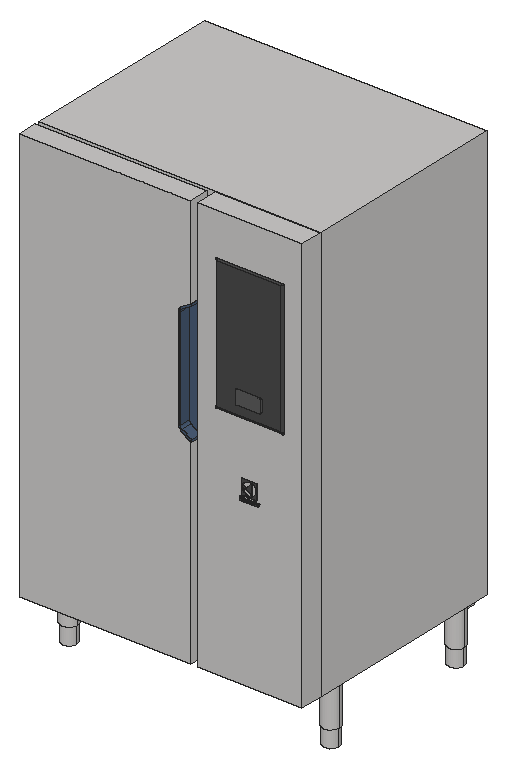
Revit family "QF_ELECTROLUXPROFESSIONAL_727822_EBCA21RE", category Specialty Equipment, Revit 2023
Family settings
  Round Connector Dimension = Use Diameter
  Part Type = Normal
  Work Plane-Based = No
  Enable Cutting in Views = No
  Always vertical = Yes
  Cut with Voids When Loaded = No
  Maintain Annotation Orientation = No
  Shared = No
  Room Calculation Point = No
Parameters
  Weight = 0.00 kg
  Watts = 0 W
  Volts = 380 V
  URL Manufacturer = "http://professional.electrolux.com"
  URL = "http://professional.electrolux.com"
  Steam Supply Size = 0 mm
  Steam Supply Minimum Pressure = 0.0 Pa
  Steam Supply Maximum Pressure = 0.0 Pa
  Steam Pounds per Hour = 0
  Show Logo [instance] = yes
  Show Clearance [instance] = yes
  Refrigeration Suction Line Size = 0 mm
  Refrigeration Liquid Line Size = 0 mm
  Refrigerant Compressor Remote = yes
  Manufacturer = "Electrolux"
  Phase = 3
  Model = "EBCA21RE"
  Length Actual = 1040 mm  # constant formula
  Item Number = "727822"
  Hot Water Size = 0 mm
  Height Actual = 1741 mm  # constant formula
  HP = "4 HP"
  Gas Size = 0 mm
  Gas KW = 0
  Gas Input Pressure = 0 W
  Direct Waste Size = 12.7 mm
  Description = "SKYLINE CHILLS BLAST CHILLER 100KG 20 GN 1/1 - REMOTE REFRIGERATING UNIT"
  Depth Actual = 850 mm  # constant formula
  Default Elevation = 0 mm
  Cycle = 60 Hz
  Condensate Return Size = 0 mm
  Compressed Air Volume = 0.0 L/s
  Compressed Air Size = 0 mm
  Compressed Air Pressure = 0.0 Pa
  Cold Water Size = 0 mm
  Accessory = yes
Reference planes
  plane 1 "Center X": y = 129.851
  plane 2: z = 0
  plane 3 "Center Y": x = -384
  plane 4 "LEFT": x = -904
  plane 5 "BACK": y = 554.851
  plane 6 "RIGHT": x = 136
  plane 7 "FRONT": y = -295.149
  plane 8 "TOP": z = 1741
  plane 9: x = -866.5
  plane 10: y = 478.851
  plane 11: x = 98.5
  plane 12: y = -115.149
  plane 13: y = 616.851
  plane 14: y = -880.149
  plane 15: z = 210
  plane 16: x = -852
  plane 17: x = 84
  plane 18: z = 1174
Forms (mm)
  Extrusion 1, solid, material "QF_Finishes_Stainless Steel"
    sketch origin (0, 0, 1741) x (-1, 0, 0) y (0, -1, 0)
      loop
        line (904, -554.851) -> (904, 210.149) -> (-136, 210.149) -> (-136, -554.851) -> (904, -554.851)
    from 0 to -1531
  Extrusion 2, solid, material "QF_Finishes_Stainless Steel"
    sketch origin (-904, -0.954, 258.709) x (0, 1, 0) y (0, 0, 1)
      loop
        line (617.805, -10.759) -> (555.805, -10.759) -> (555.805, -142.72) -> (617.805, -142.72) -> (617.805, -10.759)
    from 572 to 941.96
  Extrusion 3, solid, material "QF_Finishes_Stainless Steel"
    sketch origin (-199.727, 554.851, 2076) x (1, 0, 0) y (0, 0, -1)
      loop
        circle (230.727, 1616) r 10.5
      loop
        circle (230.727, 1686) r 8
      loop
        circle (230.727, 1701) r 4.75
    from 0 to 90
  Extrusion 4, solid, material "QF_Finishes_Stainless Steel"
    sketch origin (0, 0, 210) x (0, -1, 0) y (-1, 0, 0)
      loop
        circle (-176.851, 270.5) r 9.5
    from 0 to 31.68
  Extrusion 5, solid, material "QF_Finishes_Stainless Steel"
    sketch origin (-642.679, -295.149, 0) x (1, 0, 0) y (0, 0, -1)
      loop
        line (369.7, -1741) -> (369.7, -1401.365) -> (333.447, -1377.283)
        arc (333.447, -1377.283) -> (327.216, -1370.436) -> (324.96, -1361.456) r 19
        line (324.96, -1361.456) -> (324.96, -986.544)
        arc (324.96, -986.544) -> (327.339, -977.083) -> (333.91, -969.873) r 20
        line (333.91, -969.873) -> (369.7, -946.15) -> (369.7, -210) -> (-261.321, -210) -> (-261.321, -1741) -> (369.7, -1741)
    from 0 to 70
  Extrusion 6, solid, material "QF_Finishes_Stainless Steel"
    sketch origin (-623, 0, 1060.038) x (1, 0, 0) y (0, 1, 0)
      loop
        line (759, -295.149) -> (759, -211.149) -> (372.993, -211.149) -> (372.993, -295.149) -> (759, -295.149)
    from 680.962 to -850.038
  Extrusion 7, solid, material "QF_Door-Drawer Clearances", visible <- "Show Clearance", detail levels coarse
    sketch origin (-623, 0, 1060.038) x (1, 0, 0) y (0, 1, 0)
      loop
        line (-246, -295.149) -> (-246, -877.649)
        arc (-246, -877.649) -> (165.972, -703.005) -> (350.021, -295.149) r 614
        line (350.021, -295.149) -> (-246, -295.149)
    from -850.038 to 680.962
  Extrusion 8, solid, material "QF_Finishes_Stainless Steel"
    sketch origin (-651.679, -235.149, 422.467) x (1, 0, 0) y (0, 0, -1)
      loop
        line (333.96, -564.076) -> (333.96, -938.989)
        arc (333.96, -938.989) -> (336.216, -947.969) -> (342.447, -954.816) r 19
        line (342.447, -954.816) -> (378.7, -978.898) -> (378.7, -523.683) -> (342.91, -547.406)
        arc (342.91, -547.406) -> (336.339, -554.616) -> (333.96, -564.076) r 20
    from -21 to 10
  Extrusion 9, solid, material "QF_Finishes_Electrolux_Blue"
    sketch origin (-651.679, -295.149, 422.467) x (-1, 0, 0) y (0, 0, -1)
      loop
        line (-378.7, -978.898) -> (-342.447, -954.816)
        arc (-342.447, -954.816) -> (-336.216, -947.969) -> (-333.96, -938.989) r 19
        line (-333.96, -938.989) -> (-333.96, -564.076)
        arc (-333.96, -564.076) -> (-336.339, -554.616) -> (-342.91, -547.406) r 20
        line (-342.91, -547.406) -> (-378.7, -523.683) -> (-381.2, -523.683) -> (-381.2, -529.824) -> (-346.501, -552.824)
        arc (-346.501, -552.824) -> (-342.066, -557.691) -> (-340.46, -564.076) r 13.5
        line (-340.46, -564.076) -> (-340.46, -938.989)
        arc (-340.46, -938.989) -> (-341.944, -944.897) -> (-346.043, -949.401) r 12.5
        line (-346.043, -949.401) -> (-381.2, -972.755) -> (-381.2, -978.898) -> (-378.7, -978.898)
    from -39 to 1
  Extrusion 10, void
    sketch origin (-904, -210.149, 1741) x (-1, 0, 0) y (0, 0, 1)
      loop
        line (-600.7, -65.802) -> (-600.7, -1517.802) -> (-46.5, -1517.802) -> (-46.5, -65.802) -> (-600.7, -65.802)
    from 0 to 704
  Extrusion 11, solid, material "QF_Door-Drawer Clearances", visible <- "Show Clearance", detail levels coarse
    sketch origin (-939, -461.949, 0) x (0, -1, 0) y (0, 0, -1)
      loop
        line (415.7, -1741) -> (415.7, -1401.365) -> (379.447, -1377.283)
        arc (379.447, -1377.283) -> (373.216, -1370.436) -> (370.96, -1361.456) r 19
        line (370.96, -1361.456) -> (370.96, -986.544)
        arc (370.96, -986.544) -> (373.339, -977.083) -> (379.91, -969.873) r 20
        line (379.91, -969.873) -> (415.7, -946.15) -> (415.7, -210) -> (-166.8, -210) -> (-166.8, -1741) -> (415.7, -1741)
    from 0 to 70
  Extrusion 12, solid, material "QF_Door-Drawer Clearances", visible <- "Show Clearance", detail levels coarse
    sketch origin (-879, -452.949, 422.467) x (0, -1, 0) y (0, 0, -1)
      loop
        line (379.96, -564.076) -> (379.96, -938.989)
        arc (379.96, -938.989) -> (382.216, -947.969) -> (388.447, -954.816) r 19
        line (388.447, -954.816) -> (424.7, -978.898) -> (424.7, -523.683) -> (388.91, -547.406)
        arc (388.91, -547.406) -> (382.339, -554.616) -> (379.96, -564.076) r 20
    from -21 to 10
  Extrusion 13, solid, material "QF_Door-Drawer Clearances", visible <- "Show Clearance", detail levels coarse
    sketch origin (-939, -452.949, 422.467) x (0, 1, 0) y (0, 0, -1)
      loop
        line (-424.7, -978.898) -> (-388.447, -954.816)
        arc (-388.447, -954.816) -> (-382.216, -947.969) -> (-379.96, -938.989) r 19
        line (-379.96, -938.989) -> (-379.96, -564.076)
        arc (-379.96, -564.076) -> (-382.339, -554.616) -> (-388.91, -547.406) r 20
        line (-388.91, -547.406) -> (-424.7, -523.683) -> (-427.2, -523.683) -> (-427.2, -529.824) -> (-392.501, -552.824)
        arc (-392.501, -552.824) -> (-388.066, -557.691) -> (-386.46, -564.076) r 13.5
        line (-386.46, -564.076) -> (-386.46, -938.989)
        arc (-386.46, -938.989) -> (-387.944, -944.897) -> (-392.043, -949.401) r 12.5
        line (-392.043, -949.401) -> (-427.2, -972.755) -> (-427.2, -978.898) -> (-424.7, -978.898)
    from -39 to 1
  Extrusion 14, solid, material "QF_Clearance", visible <- "Show Clearance", detail levels coarse
    sketch origin (-904, 909.851, 0) x (1, 0, 0) y (0, 1, 0)
      loop
        line (0, -1205) -> (0, -355) -> (1040, -355) -> (1040, -1205) -> (1140, -1205) -> (1140, -255) -> (-100, -255) -> (-100, -1205) -> (0, -1205)
    from 0 to 1841
  Extrusion 15, solid, material "QF_Clearance", visible <- "Show Clearance", detail levels coarse
    sketch origin (-1150.39, -1542.9, 1741) x (-1, 0, 0) y (0, -1, 0)
      loop
        line (-246.39, -1247.751) -> (-1286.39, -1247.751) -> (-1286.39, -2097.751) -> (-246.39, -2097.751) -> (-246.39, -1247.751)
    from 0 to 100
Cuts and joins
  Extrusion 10 cuts Extrusion 1
  Extrusion 10 cuts Extrusion 2
  Extrusion 10 cuts Extrusion 3
  Extrusion 10 cuts Extrusion 4
  joined: Extrusion 1, Extrusion 2, Extrusion 3, Extrusion 4
  joined: Extrusion 5, Extrusion 8
  joined: Extrusion 7, Extrusion 11, Extrusion 12, Extrusion 13
  joined: Extrusion 14, Extrusion 15
Lines and regions (mm)
  symbolic lines
    curve 1: line (-904, 554.851, 1741) -> (136, 554.851, 1741)
    curve 2: line (-904, -210.149, 1741) -> (-904, 554.851, 1741)
    curve 3: line (136, -295.149, 1741) -> (-250.007, -295.149, 1741)
    curve 4: line (136, 554.851, 1741) -> (136, -295.149, 1741)
    curve 5: line (61.997, -300.149, 1741) -> (-176.003, -300.149, 1741)
    curve 6: line (-176.003, -300.149, 1741) -> (-184.003, -295.149, 1741)
    curve 7: line (61.997, -300.149, 1741) -> (69.997, -295.149, 1741)
    curve 12: line (-250.007, -295.149, 0) -> (-250.007, -210.149, 0)
    curve 13: line (-250.007, -210.149, 0) -> (-904, -210.149, 0)
    curve 14: line (-904, -225.149, 0) -> (-272.979, -225.149, 0)
    curve 15: line (-904, -295.149, 0) -> (-904, -225.149, 0)
    curve 16: line (-272.979, -295.149, 0) -> (-904, -295.149, 0)
    curve 17: line (-272.979, -225.149, 0) -> (-272.979, -295.149, 0)
    curve 18: line (-317.719, -296.149, 0) -> (-270.479, -296.149, 0)
    curve 19: line (-270.479, -296.149, 0) -> (-270.479, -256.149, 0)
    curve 20: line (-270.479, -256.149, 0) -> (-272.979, -256.149, 0)
    curve 21: line (-317.719, -296.149, 0) -> (-317.719, -295.149, 0)
    curve 26: line (20.5, 644.851, 0) -> (41.5, 644.851, 0)
    curve 27: line (41.5, 644.851, 0) -> (41.5, 554.851, 0)
    curve 28: line (20.5, 644.851, 0) -> (20.5, 554.851, 0)
    curve 29: line (20.5, 616.851, 0) -> (-332, 616.851, 0)
    curve 30: line (-332, 616.851, 0) -> (-332, 554.851, 0)
  symbolic lines, style "QF_Door-Drawer Clearances", visible <- "Show Clearance"
    curve 8: arc (-272.979, -295.149, 1741) -> (-457.028, -703.005, 1741) -> (-869, -877.649, 1741) r 614
    curve 9: line (-939, -877.649, 1741) -> (-939, -295.149, 1741)
    curve 10: line (-869, -877.649, 1741) -> (-939, -877.649, 1741)
    curve 11: line (-869, -877.649, 1741) -> (-869, -295.149, 1741)
  symbolic lines, style "QF_Door-Drawer Clearances"
    curve 22: line (-869, -877.649, 0) -> (-939, -877.649, 0)
  symbolic lines, style "QF_Clearances", visible <- "Show Clearance", detail levels coarse
    curve 23: line (-1004, 654.851, 0) -> (-1004, -295.149, 0)
    curve 24: line (236, 654.851, 0) -> (-1004, 654.851, 0)
    curve 25: line (236, -295.149, 0) -> (236, 654.851, 0)
Dimensions and locks
  equal spacing: plane 4 "LEFT", plane 3 "Center Y", plane 6 "RIGHT"
  plane 4 "LEFT" to plane 6 "RIGHT" = 1040 mm
  plane 5 "BACK" to plane 7 "FRONT" = 850 mm
  equal spacing: plane 5 "BACK", plane 1 "Center X", plane 7 "FRONT"
  plane 15 to Extrusion 3 sketch curve = 250 mm
  plane 5 "BACK" to Extrusion 4 sketch curve = 378 mm
  plane 4 "LEFT" to Extrusion 4 sketch curve = 633.5 mm
  plane 6 "RIGHT" to Extrusion 3 sketch curve = 105 mm
  plane 8 "TOP" to level = 1741 mm
  Extrusion 3 sketch curve to Extrusion 6 = 165 mm
  Extrusion 3 sketch curve to Extrusion 6 = 180 mm
  aligned and locked: level to plane 2
  aligned and locked: plane 11 to nested 2
  aligned and locked: plane 9 to nested 1
  aligned and locked: nested 1 to plane 12
  aligned and locked: nested 2 to plane 12
  aligned and locked: Extrusion 9 to Extrusion 8
  aligned and locked: nested 4 to plane 10
  aligned and locked: nested 3 to plane 10
  aligned and locked: Extrusion 13 to Extrusion 12
Automatic sketch dimensions
  Extrusion 5 sketch curve to plane 4 "LEFT" = 0 mm
  Extrusion 5 sketch curve to plane 15 = 0 mm
  Extrusion 5 sketch curve to plane 8 "TOP" = 0 mm
  plane 3 "Center Y" to Extrusion 5 sketch curve = 66.281 mm
  Extrusion 5 sketch curve to Extrusion 5 sketch curve = 8.487 mm
  Extrusion 5 sketch curve to Extrusion 5 sketch curve = 8.95 mm
  Extrusion 5 sketch curve to Extrusion 5 sketch curve = 19 mm
  Extrusion 5 sketch curve to Extrusion 5 sketch curve = 11.05 mm
  Extrusion 5 sketch curve to Extrusion 5 sketch curve = 35.79 mm
  Extrusion 5 sketch curve to Extrusion 5 sketch curve = 36.253 mm
  plane 18 to Extrusion 5 sketch curve = 227.365 mm
  Extrusion 5 sketch curve to Extrusion 5 sketch curve = 24.082 mm
  Extrusion 5 sketch curve to plane 18 = 187.456 mm
  Extrusion 5 sketch curve to Extrusion 5 sketch curve = 23.723 mm
  plane 3 "Center Y" to Extrusion 8 sketch curve = 66.281 mm
  Extrusion 8 sketch curve to Extrusion 8 sketch curve = 8.487 mm
  Extrusion 8 sketch curve to Extrusion 8 sketch curve = 8.95 mm
  Extrusion 8 sketch curve to Extrusion 8 sketch curve = 10.513 mm
  Extrusion 8 sketch curve to Extrusion 8 sketch curve = 11.05 mm
  plane 18 to Extrusion 8 sketch curve = 203.283 mm
  Extrusion 8 sketch curve to plane 18 = 187.456 mm
  Extrusion 8 sketch curve to Extrusion 8 sketch curve = 36.253 mm
  Extrusion 8 sketch curve to Extrusion 8 sketch curve = 35.79 mm
  Extrusion 8 sketch curve to Extrusion 8 sketch curve = 0 mm  (x3)
  Extrusion 8 sketch curve to Extrusion 8 sketch curve = 24.082 mm
  Extrusion 8 sketch curve to Extrusion 8 sketch curve = 23.723 mm
  Extrusion 9 sketch curve to Extrusion 9 sketch curve = 0 mm  (x4)
  plane 3 "Center Y" to Extrusion 9 sketch curve = 113.521 mm  (x2)
  Extrusion 9 sketch curve to Extrusion 9 sketch curve = 2.5 mm  (x2)
  Extrusion 9 sketch curve to Extrusion 9 sketch curve = 27.24 mm
  Extrusion 9 sketch curve to Extrusion 9 sketch curve = 28.24 mm
  Extrusion 9 sketch curve to Extrusion 9 sketch curve = 7.459 mm
  Extrusion 9 sketch curve to Extrusion 9 sketch curve = 6.917 mm
  Extrusion 9 sketch curve to Extrusion 9 sketch curve = 3.591 mm
  Extrusion 9 sketch curve to Extrusion 9 sketch curve = 3.597 mm
  Extrusion 9 sketch curve to Extrusion 9 sketch curve = 5.583 mm
  Extrusion 9 sketch curve to Extrusion 9 sketch curve = 6.5 mm
  plane 18 to Extrusion 9 sketch curve = 227.365 mm
  Extrusion 9 sketch curve to Extrusion 9 sketch curve = 6.143 mm
  Extrusion 9 sketch curve to Extrusion 9 sketch curve = 17.939 mm
  Extrusion 9 sketch curve to plane 18 = 187.456 mm
  Extrusion 9 sketch curve to Extrusion 9 sketch curve = 23 mm
  Extrusion 9 sketch curve to Extrusion 9 sketch curve = 6.141 mm
  Extrusion 10 sketch curve to Extrusion 1 = 13.198 mm
  Extrusion 1 to Extrusion 10 sketch curve = 439.3 mm
  Extrusion 10 sketch curve to Extrusion 1 = 46.5 mm
  Extrusion 10 sketch curve to Extrusion 1 = 65.802 mm
  Extrusion 11 sketch curve to plane 8 "TOP" = 0 mm
  Extrusion 11 sketch curve to plane 15 = 0 mm
  plane 7 "FRONT" to Extrusion 11 sketch curve = 0 mm
  plane 14 to Extrusion 11 sketch curve = 47.24 mm
  plane 18 to Extrusion 11 sketch curve = 203.283 mm
  Extrusion 11 sketch curve to Extrusion 11 sketch curve = 8.487 mm
  Extrusion 11 sketch curve to plane 18 = 204.127 mm
  Extrusion 11 sketch curve to Extrusion 11 sketch curve = 8.95 mm
  Extrusion 11 sketch curve to Extrusion 11 sketch curve = 19 mm
  Extrusion 11 sketch curve to Extrusion 11 sketch curve = 11.05 mm
  Extrusion 11 sketch curve to Extrusion 11 sketch curve = 35.79 mm
  Extrusion 11 sketch curve to Extrusion 11 sketch curve = 36.253 mm
  Extrusion 11 sketch curve to Extrusion 11 sketch curve = 24.082 mm
  Extrusion 11 sketch curve to Extrusion 11 sketch curve = 23.723 mm
  plane 14 to Extrusion 12 sketch curve = 47.24 mm
  Extrusion 12 sketch curve to Extrusion 12 sketch curve = 8.487 mm
  Extrusion 12 sketch curve to Extrusion 12 sketch curve = 8.95 mm
  Extrusion 12 sketch curve to Extrusion 12 sketch curve = 19 mm
  Extrusion 12 sketch curve to Extrusion 12 sketch curve = 11.05 mm
  plane 18 to Extrusion 12 sketch curve = 203.283 mm
  Extrusion 12 sketch curve to plane 18 = 187.456 mm
  Extrusion 12 sketch curve to Extrusion 12 sketch curve = 36.253 mm
  Extrusion 12 sketch curve to Extrusion 12 sketch curve = 35.79 mm
  Extrusion 12 sketch curve to Extrusion 12 sketch curve = 0 mm  (x3)
  Extrusion 12 sketch curve to Extrusion 12 sketch curve = 24.082 mm
  Extrusion 12 sketch curve to Extrusion 12 sketch curve = 23.723 mm
  Extrusion 13 sketch curve to Extrusion 13 sketch curve = 0 mm  (x4)
  Extrusion 13 sketch curve to plane 14 = 0 mm  (x2)
  Extrusion 13 sketch curve to Extrusion 13 sketch curve = 2.5 mm  (x2)
  Extrusion 13 sketch curve to Extrusion 13 sketch curve = 27.24 mm
  Extrusion 13 sketch curve to Extrusion 13 sketch curve = 28.24 mm
  Extrusion 13 sketch curve to Extrusion 13 sketch curve = 7.459 mm
  Extrusion 13 sketch curve to Extrusion 13 sketch curve = 6.917 mm
  Extrusion 13 sketch curve to Extrusion 13 sketch curve = 3.591 mm
  Extrusion 13 sketch curve to Extrusion 13 sketch curve = 3.597 mm
  Extrusion 13 sketch curve to Extrusion 13 sketch curve = 5.583 mm
  Extrusion 13 sketch curve to Extrusion 13 sketch curve = 6.5 mm
  plane 18 to Extrusion 13 sketch curve = 227.365 mm
  Extrusion 13 sketch curve to Extrusion 13 sketch curve = 6.143 mm
  Extrusion 13 sketch curve to Extrusion 13 sketch curve = 17.939 mm
  Extrusion 13 sketch curve to plane 18 = 187.456 mm
  Extrusion 13 sketch curve to Extrusion 13 sketch curve = 23 mm
  Extrusion 13 sketch curve to Extrusion 13 sketch curve = 6.141 mm
  Extrusion 7 sketch curve to plane 7 "FRONT" = 0 mm
  plane 4 "LEFT" to Extrusion 7 sketch curve = 17.818 mm
  Extrusion 7 sketch curve to plane 9 = 2.5 mm
  plane 3 "Center Y" to Extrusion 7 sketch curve = 111.021 mm
  plane 14 to Extrusion 7 sketch curve = 2.5 mm
  Extrusion 1 sketch curve to plane 5 "BACK" = 0 mm
  Extrusion 1 sketch curve to plane 6 "RIGHT" = 0 mm
  Extrusion 1 sketch curve to plane 4 "LEFT" = 0 mm
  plane 7 "FRONT" to Extrusion 1 sketch curve = 85 mm
  Extrusion 6 sketch curve to plane 7 "FRONT" = 0 mm
  Extrusion 6 sketch curve to plane 6 "RIGHT" = 0 mm
  plane 3 "Center Y" to Extrusion 6 sketch curve = 133.993 mm
  Extrusion 6 sketch curve to Extrusion 6 sketch curve = 84 mm
  Extrusion 2 sketch curve to plane 5 "BACK" = 0 mm
  Extrusion 2 sketch curve to plane 13 = 0 mm
  Extrusion 2 sketch curve to plane 15 = 94.012 mm
  plane 15 to Extrusion 2 sketch curve = 37.95 mm
  Extrusion 3 sketch curve to Extrusion 3 sketch curve = 0 mm  (x2)
  Extrusion 14 sketch curve to plane 7 "FRONT" = 0 mm  (x2)
  Extrusion 14 sketch curve to plane 6 "RIGHT" = 1140 mm
  Extrusion 14 sketch curve to Extrusion 14 sketch curve = 100 mm  (x3)
  Extrusion 14 sketch curve to plane 13 = 62 mm
  Extrusion 14 sketch curve to Extrusion 14 sketch curve = 1040 mm
  Extrusion 15 sketch curve to plane 6 "RIGHT" = 0 mm
  Extrusion 15 sketch curve to plane 4 "LEFT" = 0 mm
  Extrusion 15 sketch curve to plane 5 "BACK" = 0 mm
  Extrusion 15 sketch curve to plane 7 "FRONT" = 0 mm
  curve 23 to plane 7 "FRONT" = 0 mm
  curve 15 to plane 4 "LEFT" = 0 mm
  curve 13 to plane 4 "LEFT" = 0 mm
  curve 30 to plane 5 "BACK" = 0 mm
  curve 29 to plane 13 = 0 mm
  curve 21 to plane 7 "FRONT" = 0 mm
  curve 12 to plane 7 "FRONT" = 0 mm
  curve 28 to plane 5 "BACK" = 0 mm
  curve 27 to plane 5 "BACK" = 0 mm
  curve 25 to plane 7 "FRONT" = 0 mm
  plane 13 to curve 24 = 38 mm
  curve 24 to plane 4 "LEFT" = 100 mm
  curve 18 to plane 7 "FRONT" = 1 mm
  plane 3 "Center Y" to curve 18 = 66.281 mm
  curve 21 to curve 17 = 44.74 mm
  curve 16 to curve 19 = 2.5 mm
  curve 14 to curve 12 = 22.972 mm
  plane 13 to curve 26 = 28 mm
  curve 26 to plane 17 = 63.5 mm
  curve 26 to curve 27 = 21 mm
  plane 6 "RIGHT" to curve 24 = 100 mm
  plane 7 "FRONT" to curve 19 = 39 mm
  plane 7 "FRONT" to curve 15 = 70 mm
  curve 14 to curve 12 = 15 mm
  plane 14 to curve 22 = 2.5 mm
  curve 22 to plane 4 "LEFT" = 35 mm
  curve 22 to plane 9 = 2.5 mm
  plane 3 "Center Y" to curve 30 = 52 mm
  curve 1 to plane 5 "BACK" = 0 mm
  curve 1 to plane 6 "RIGHT" = 0 mm
  curve 7 to plane 7 "FRONT" = 0 mm
  curve 8 to plane 7 "FRONT" = 0 mm
  curve 11 to plane 7 "FRONT" = 0 mm
  curve 2 to plane 4 "LEFT" = 0 mm
  curve 9 to plane 7 "FRONT" = 0 mm
  curve 7 to plane 7 "FRONT" = 5 mm
  curve 7 to plane 17 = 22.003 mm
  plane 3 "Center Y" to curve 6 = 207.997 mm
  curve 11 to plane 9 = 2.5 mm
  plane 4 "LEFT" to curve 8 = 17.818 mm
  plane 14 to curve 10 = 2.5 mm
  curve 10 to plane 4 "LEFT" = 35 mm
  plane 7 "FRONT" to curve 8 = 31.26 mm
  curve 7 to curve 5 = 8 mm
  curve 5 to curve 6 = 8 mm
  curve 3 to curve 8 = 22.972 mm
  curve 2 to curve 8 = 53.74 mm
  radius of Extrusion 4 sketch curve = 9.5 mm
  radius of Extrusion 3 sketch curve = 10.5 mm
  radius of Extrusion 3 sketch curve = 8 mm
  radius of Extrusion 3 sketch curve = 4.75 mm
Nested families
  nested 1: "Foot_Complete" at (-866.5, -115.149, 0), type "Foot_Complete"
    with H 210 mm
  nested 2: "Foot_Complete" at (98.5, -115.149, 0), type "Foot_Complete"
    with H 210 mm
  nested 3: "Foot_Complete" at (84, 478.851, 0), type "Foot_Complete"
    with H 210 mm
  nested 4: "Foot_Complete" at (-852, 478.851, 0), type "Foot_Complete"
    with H 210 mm
  nested 5: "ELX_Touch" at (-57.003, -295.149, 1337) x (-1, 0, 0) z (0, -1, 0), type "ELX_Touch"
  nested 6: "ELX_Logo_S_New" at (-57.003, -295.149, 824) x (1, 0, 0) z (0, -1, 0), visible <- "Show Logo", type "ELX_Logo_S_New"
    with M QF_Finishes_Black
  nested 7: "ELX_Logo_Symbol" at (-57.003, -295.149, 864) x (-1, 0, 0) z (0, -1, 0), visible <- "Show Logo", type "ELX_Logo_Symbol"
    with M QF_Finishes_Black
Connectors
  electrical at (31, 644.851, 460), driven by "Volts"
    settings: on Extrusion 3, index 5, voltage 380 V, apparent load 0 VA, apparent load phase1 0 VA, apparent load phase2 0 VA, apparent load phase3 0 VA, power factor 1, load classification "Altro", number of poles 1, system type 30, power factor state 1, is connector primary yes, connector utility no, sub classification motor no, connector description "Electrical Connection"
  piping at (-270.5, 176.851, 178.32), diameter 19
    settings: on cut or joined group of Extrusion 1, Extrusion 2, Extrusion 3, Extrusion 4, Extrusion 10, index 6, connector inside diameter 609.6 mm, connector length 0 mm, flow factor 0, pipe flow 0.0 L/s, pressure drop 0.0 Pa, fitting loss kfactor 0, connector angle 0.00°, fixture units 0, engagement length 0 mm, angle of deflection 0.00°, flow configuration 1, flow direction 2, fitting loss method 0, system type 16, joint type 0, gender type 0, connector reference index -1, connector utility 0, adjustable connector no, is connector primary yes, connector description "Drain"
  piping at (31, 644.851, 390), diameter 16
    settings: on cut or joined group of Extrusion 1, Extrusion 2, Extrusion 3, Extrusion 4, Extrusion 10, index 7, connector inside diameter 609.6 mm, connector length 0 mm, flow factor 0, pipe flow 0.0 L/s, pressure drop 0.0 Pa, fitting loss kfactor 0, connector angle 0.00°, fixture units 0, engagement length 0 mm, angle of deflection 0.00°, flow configuration 1, flow direction 1, fitting loss method 0, system type 8, joint type 0, gender type 0, connector reference index -1, connector utility 0, adjustable connector no, is connector primary no, connector description "Refrigerant Outlet"
  piping at (31, 644.851, 375), diameter 9.5
    settings: on cut or joined group of Extrusion 1, Extrusion 2, Extrusion 3, Extrusion 4, Extrusion 10, index 8, connector inside diameter 609.6 mm, connector length 0 mm, flow factor 0, pipe flow 0.0 L/s, pressure drop 0.0 Pa, fitting loss kfactor 0, connector angle 0.00°, fixture units 0, engagement length 0 mm, angle of deflection 0.00°, flow configuration 0, flow direction 0, fitting loss method 0, system type 7, joint type 0, gender type 0, connector reference index -1, connector utility 0, adjustable connector no, is connector primary no, connector description "Refrigerant Inlet"
Definition of nested family "Foot_Complete"
  Parameters
    R = 32 mm
    H = 150 mm
    Default Elevation = 0 mm
  Reference planes
    plane 1 "Centro (Fronte/Retro)": y = 0
    plane 2: z = 0
    plane 3 "Centro (Sinistra/Destra)": x = 0
    plane 4: z = 150
  Forms (mm)
    Revolve 1, solid
      sketch origin (255.05, 0, 608.09) x (0, 0, 1) y (-1, 0, 0)
        loop
          line (-608.09, 255.05) -> (-608.09, 226.55) -> (-544.09, 226.55) -> (-544.09, 223.05) -> (-458.09, 223.05) -> (-458.09, 255.05) -> (-608.09, 255.05)
        axis (-608.09, 255.05) -> (-458.09, 255.05)
      angle from 0 to 360
  Dimensions and locks
    locked: level to Revolve 1 sketch curve at 64
    "R": Revolve 1 sketch curve to plane 3 "Centro (Sinistra/Destra)"
    "H": plane 4 to level
    aligned and locked: level to plane 2
    aligned and locked: plane 4 to Revolve 1 sketch curve
    aligned and locked: Revolve 1 sketch curve to level
    aligned and locked: plane 3 "Centro (Sinistra/Destra)" to Revolve 1 sketch curve
  Automatic sketch dimensions
    Revolve 1 sketch curve to plane 3 "Centro (Sinistra/Destra)" = 0 mm
    plane 3 "Centro (Sinistra/Destra)" to Revolve 1 sketch curve = 28.5 mm
    Revolve 1 sketch curve to Revolve 1 sketch curve = 50 mm
    Revolve 1 sketch curve to Revolve 1 sketch curve = 20 mm
Definition of nested family "ELX_Touch"
  Parameters
    Default Elevation = 1219.2 mm
  Reference planes
    plane 1 "Centro (Fronte/Retro)": y = 0
    plane 2: z = 0
    plane 3 "Centro (Sinistra/Destra)": x = 0
  Forms (mm)
    Extrusion 1, solid
      sketch origin (0, 0, 0) x (1, 0, 0) y (0, 1, 0)
        loop
          line (-1219.2, 1219.2) -> (-1219.2, -1219.2) -> (1219.2, -1219.2) -> (1219.2, 1219.2) -> (-1219.2, 1219.2)
      from 0 to -304.8
    Extrusion 2, solid
      sketch origin (0, 0, 5) x (1, 0, 0) y (0, 1, 0)
        loop
          line (-47, -160) -> (-47, -202)
          arc (-47, -202) -> (-45.536, -205.535) -> (-42, -207) r 5
          line (-42, -207) -> (42, -207)
          arc (42, -207) -> (45.536, -205.535) -> (47, -202) r 5
          line (47, -202) -> (47, -160)
          arc (47, -160) -> (45.536, -156.465) -> (42, -155) r 5
          line (42, -155) -> (-42, -155)
          arc (-42, -155) -> (-45.536, -156.465) -> (-47, -160) r 5
      from 0 to 2
    Blend 3, solid
      base sketch origin (0, 0, 0) x (1, 0, 0) y (0, 1, 0)
        loop
          line (-127, 244) -> (-127, -244)
          arc (-127, -244) -> (-125.536, -247.536) -> (-122, -249) r 5
          line (-122, -249) -> (122, -249)
          arc (122, -249) -> (125.536, -247.536) -> (127, -244) r 5
          line (127, -244) -> (127, 244)
          arc (127, 244) -> (125.536, 247.536) -> (122, 249) r 5
          line (122, 249) -> (-122, 249)
          arc (-122, 249) -> (-125.536, 247.536) -> (-127, 244) r 5
      top sketch origin (0, 0, 0) x (1, 0, 0) y (0, 1, 0)
        loop
          line (-119, -241) -> (119, -241) -> (119, 241) -> (-119, 241) -> (-119, -241)
      from 0 to 5
  Lines and regions (mm)
    Split face 1
      outline origin (0, 0, 5) x (1, 0, 0) y (0, 1, 0)
        loop
          line (-70.506, 46.167) -> (70.506, 46.167) -> (70.506, 214.829) -> (-70.506, 214.829) -> (-70.506, 46.167)
    Split face 2
      outline origin (0, 0, 5) x (1, 0, 0) y (0, 1, 0)
        loop
          line (-47.467, 50.825) -> (47.467, 50.825) -> (47.467, 210.171) -> (-47.467, 210.171) -> (-47.467, 50.825)
    Split face 3
      outline origin (0, 0, 5) x (1, 0, 0) y (0, 1, 0)
        loop
          line (-70.521, -215.33) -> (70.521, -215.33) -> (70.521, -146.67) -> (-70.521, -146.67) -> (-70.521, -215.33)
    Split face 4
      outline origin (0, 0, 5) x (1, 0, 0) y (0, 1, 0)
        loop
          line (-119, 201.163) -> (-70.506, 201.163)
        loop
          line (70.506, 201.163) -> (119, 201.163)
        loop
          line (70.521, -200.849) -> (119, -200.849)
        loop
          line (-119, -200.849) -> (-70.521, -200.849)
  Dimensions and locks
    aligned and locked: plane 2 to Extrusion 1
    aligned and locked: level to Extrusion 1
Definition of nested family "ELX_Logo_S_New"
  Parameters
    Default Elevation = 0 mm
    M [instance] = none
  Reference planes
    plane 1 "Centro (Fronte/Retro)": y = 0
    plane 2: z = 0
    plane 3 "Centro (Sinistra/Destra)": x = 0
  Forms (mm)
    Extrusion 1, solid
      sketch origin (0, 0, 0) x (1, 0, 0) y (0, 1, 0)
        loop
          line (-1219.2, 1219.2) -> (-1219.2, -1219.2) -> (1219.2, -1219.2) -> (1219.2, 1219.2) -> (-1219.2, 1219.2)
      from 0 to -304.8
    Extrusion 2, solid, material <- "M"
      sketch origin (0, 0, 0) x (1, 0, 0) y (0, 1, 0)
        loop
          spline (-32.537, -4.135) -> (-32.702, -4.128) -> (-32.877, -4.105) -> (-33.059, -4.064) -> (-33.242, -4.002) -> (-33.422, -3.916) -> (-33.593, -3.803) -> (-33.751, -3.66) -> (-33.891, -3.486) -> (-34.008, -3.276) -> (-34.098, -3.029) -> (-34.155, -2.741) -> (-34.176, -2.41)
          line (-34.176, -2.41) -> (-34.176, -0.943) -> (-29.331, -0.943) -> (-29.331, 0.928) -> (-34.176, 0.928) -> (-34.176, 3.652) -> (-29.023, 3.652) -> (-29.023, 5.518) -> (-36.159, 5.518) -> (-36.159, -2.326)
          spline (-36.159, -2.326) -> (-36.142, -2.808) -> (-36.088, -3.263) -> (-35.996, -3.688) -> (-35.867, -4.083) -> (-35.698, -4.445) -> (-35.489, -4.773) -> (-35.239, -5.066) -> (-34.946, -5.322) -> (-34.61, -5.539) -> (-34.23, -5.716) -> (-33.804, -5.851) -> (-33.332, -5.943)
          line (-33.332, -5.943) -> (-32.554, -5.999) -> (-28.885, -5.999) -> (-28.885, -4.135) -> (-32.537, -4.135)
        loop
          line (-27.476, 0.076) -> (-27.476, -6.002) -> (-25.492, -6.002) -> (-25.492, 5.521) -> (-27.476, 5.521) -> (-27.476, 0.076)
        loop
          spline (-15.702, -2.321) -> (-15.689, -1.697) -> (-15.749, -1.094) -> (-15.879, -0.516) -> (-16.078, 0.029) -> (-16.341, 0.538) -> (-16.668, 1.004) -> (-17.055, 1.422) -> (-17.5, 1.786) -> (-17.999, 2.091) -> (-18.552, 2.331) -> (-19.154, 2.5) -> (-19.804, 2.594)
          spline (-19.804, 2.594) -> (-20.422, 2.558) -> (-21.009, 2.453) -> (-21.56, 2.28) -> (-22.072, 2.042) -> (-22.54, 1.743) -> (-22.96, 1.385) -> (-23.327, 0.97) -> (-23.638, 0.502) -> (-23.887, -0.018) -> (-24.07, -0.586) -> (-24.183, -1.2) -> (-24.222, -1.857)
          spline (-24.222, -1.857) -> (-24.184, -2.498) -> (-24.074, -3.097) -> (-23.895, -3.652) -> (-23.651, -4.16) -> (-23.344, -4.618) -> (-22.979, -5.023) -> (-22.559, -5.374) -> (-22.087, -5.667) -> (-21.567, -5.899) -> (-21.003, -6.068) -> (-20.397, -6.172) -> (-19.754, -6.207)
          spline (-19.754, -6.207) -> (-19.44, -6.2) -> (-19.13, -6.176) -> (-18.823, -6.135) -> (-18.52, -6.074) -> (-18.221, -5.993) -> (-17.925, -5.89) -> (-17.634, -5.762) -> (-17.346, -5.609) -> (-17.062, -5.43) -> (-16.782, -5.221) -> (-16.506, -4.983) -> (-16.234, -4.713)
          line (-16.234, -4.713) -> (-17.429, -3.55)
          spline (-17.429, -3.55) -> (-17.587, -3.702) -> (-17.745, -3.841) -> (-17.906, -3.967) -> (-18.07, -4.08) -> (-18.239, -4.181) -> (-18.415, -4.268) -> (-18.599, -4.343) -> (-18.792, -4.404) -> (-18.996, -4.452) -> (-19.213, -4.486) -> (-19.443, -4.506) -> (-19.688, -4.513)
          spline (-19.688, -4.513) -> (-20.047, -4.496) -> (-20.383, -4.443) -> (-20.696, -4.358) -> (-20.984, -4.24) -> (-21.246, -4.092) -> (-21.479, -3.915) -> (-21.683, -3.711) -> (-21.856, -3.48) -> (-21.997, -3.224) -> (-22.104, -2.945) -> (-22.176, -2.643) -> (-22.212, -2.321)
          line (-22.212, -2.321) -> (-15.702, -2.321)
        loop
          spline (-17.695, -0.926) -> (-17.714, -0.681) -> (-17.771, -0.445) -> (-17.861, -0.221) -> (-17.984, -0.01) -> (-18.135, 0.184) -> (-18.314, 0.36) -> (-18.516, 0.516) -> (-18.741, 0.648) -> (-18.984, 0.755) -> (-19.244, 0.834) -> (-19.518, 0.883) -> (-19.804, 0.9)
          spline (-19.804, 0.9) -> (-20.11, 0.884) -> (-20.405, 0.835) -> (-20.686, 0.757) -> (-20.95, 0.652) -> (-21.195, 0.521) -> (-21.419, 0.367) -> (-21.618, 0.192) -> (-21.79, -0.003) -> (-21.934, -0.214) -> (-22.045, -0.439) -> (-22.122, -0.678) -> (-22.162, -0.926)
          line (-22.162, -0.926) -> (-17.695, -0.926)
        loop
          spline (-12.669, -1.807) -> (-12.646, -1.438) -> (-12.58, -1.088) -> (-12.472, -0.759) -> (-12.326, -0.455) -> (-12.145, -0.177) -> (-11.93, 0.072) -> (-11.685, 0.289) -> (-11.412, 0.473) -> (-11.114, 0.62) -> (-10.793, 0.728) -> (-10.453, 0.794) -> (-10.095, 0.817)
          spline (-10.095, 0.817) -> (-9.876, 0.81) -> (-9.665, 0.79) -> (-9.464, 0.756) -> (-9.271, 0.709) -> (-9.086, 0.65) -> (-8.908, 0.578) -> (-8.737, 0.495) -> (-8.572, 0.399) -> (-8.414, 0.292) -> (-8.261, 0.173) -> (-8.113, 0.044) -> (-7.969, -0.096)
          line (-7.969, -0.096) -> (-6.741, 1.183)
          spline (-6.741, 1.183) -> (-6.985, 1.427) -> (-7.237, 1.647) -> (-7.496, 1.843) -> (-7.762, 2.015) -> (-8.034, 2.164) -> (-8.312, 2.291) -> (-8.596, 2.397) -> (-8.886, 2.482) -> (-9.181, 2.546) -> (-9.481, 2.592) -> (-9.786, 2.619) -> (-10.095, 2.627)
          spline (-10.095, 2.627) -> (-10.715, 2.589) -> (-11.308, 2.476) -> (-11.871, 2.294) -> (-12.396, 2.046) -> (-12.88, 1.736) -> (-13.316, 1.369) -> (-13.7, 0.949) -> (-14.026, 0.48) -> (-14.289, -0.035) -> (-14.483, -0.59) -> (-14.604, -1.182) -> (-14.645, -1.807)
          spline (-14.645, -1.807) -> (-14.604, -2.431) -> (-14.483, -3.023) -> (-14.289, -3.578) -> (-14.026, -4.093) -> (-13.7, -4.562) -> (-13.316, -4.983) -> (-12.88, -5.35) -> (-12.396, -5.659) -> (-11.871, -5.907) -> (-11.308, -6.09) -> (-10.715, -6.202) -> (-10.095, -6.24)
          spline (-10.095, -6.24) -> (-9.786, -6.232) -> (-9.481, -6.205) -> (-9.181, -6.16) -> (-8.886, -6.095) -> (-8.596, -6.01) -> (-8.312, -5.904) -> (-8.034, -5.777) -> (-7.762, -5.628) -> (-7.496, -5.456) -> (-7.237, -5.26) -> (-6.985, -5.04) -> (-6.741, -4.796)
          line (-6.741, -4.796) -> (-7.969, -3.517)
          spline (-7.969, -3.517) -> (-8.113, -3.657) -> (-8.261, -3.786) -> (-8.414, -3.905) -> (-8.572, -4.012) -> (-8.737, -4.108) -> (-8.908, -4.192) -> (-9.086, -4.263) -> (-9.271, -4.323) -> (-9.464, -4.369) -> (-9.665, -4.403) -> (-9.876, -4.423) -> (-10.095, -4.43)
          spline (-10.095, -4.43) -> (-10.453, -4.408) -> (-10.793, -4.341) -> (-11.114, -4.233) -> (-11.412, -4.086) -> (-11.685, -3.902) -> (-11.93, -3.685) -> (-12.145, -3.436) -> (-12.326, -3.158) -> (-12.472, -2.854) -> (-12.58, -2.526) -> (-12.646, -2.176) -> (-12.669, -1.807)
        loop
          spline (-1.683, -4.138) -> (-1.858, -4.14) -> (-2.045, -4.127) -> (-2.24, -4.095) -> (-2.438, -4.04) -> (-2.633, -3.959) -> (-2.822, -3.85) -> (-2.998, -3.709) -> (-3.157, -3.533) -> (-3.294, -3.318) -> (-3.404, -3.061) -> (-3.483, -2.76) -> (-3.524, -2.411)
          line (-3.524, -2.411) -> (-3.524, 0.529) -> (-1.72, 0.529) -> (-1.72, 2.331) -> (-3.522, 2.331) -> (-3.522, 5.521) -> (-5.506, 5.521) -> (-5.506, -2.523)
          spline (-5.506, -2.523) -> (-5.463, -2.99) -> (-5.386, -3.429) -> (-5.274, -3.839) -> (-5.126, -4.218) -> (-4.941, -4.564) -> (-4.717, -4.877) -> (-4.455, -5.155) -> (-4.153, -5.396) -> (-3.81, -5.599) -> (-3.425, -5.762) -> (-2.998, -5.884) -> (-2.528, -5.964)
          line (-2.528, -5.964) -> (-1.69, -6.002) -> (-1.683, -4.138)
        loop
          spline (4.991, 2.446) -> (4.648, 2.468) -> (4.318, 2.461) -> (4.001, 2.429) -> (3.699, 2.371) -> (3.413, 2.288) -> (3.142, 2.182) -> (2.89, 2.052) -> (2.655, 1.901) -> (2.439, 1.728) -> (2.244, 1.535) -> (2.069, 1.322) -> (1.917, 1.091)
          line (1.917, 1.091) -> (1.917, 2.33) -> (-0.051, 2.33) -> (-0.051, -6.002) -> (1.917, -6.002) -> (1.917, -1.621)
          spline (1.917, -1.621) -> (1.935, -1.288) -> (1.988, -0.979) -> (2.075, -0.693) -> (2.195, -0.432) -> (2.345, -0.197) -> (2.526, 0.01) -> (2.736, 0.189) -> (2.972, 0.338) -> (3.235, 0.456) -> (3.522, 0.541) -> (3.832, 0.594) -> (4.165, 0.611)
          line (4.165, 0.611) -> (4.991, 0.529) -> (4.991, 2.446)
        loop
          spline (14.388, -1.836) -> (14.347, -1.224) -> (14.226, -0.642) -> (14.031, -0.093) -> (13.768, 0.418) -> (13.441, 0.887) -> (13.057, 1.308) -> (12.621, 1.677) -> (12.137, 1.989) -> (11.612, 2.24) -> (11.051, 2.425) -> (10.459, 2.539) -> (9.842, 2.578)
          spline (9.842, 2.578) -> (9.221, 2.539) -> (8.627, 2.425) -> (8.064, 2.24) -> (7.539, 1.989) -> (7.056, 1.677) -> (6.62, 1.308) -> (6.237, 0.887) -> (5.912, 0.418) -> (5.65, -0.093) -> (5.456, -0.642) -> (5.336, -1.224) -> (5.295, -1.836)
          spline (5.295, -1.836) -> (5.336, -2.447) -> (5.456, -3.029) -> (5.65, -3.578) -> (5.912, -4.089) -> (6.237, -4.558) -> (6.62, -4.979) -> (7.056, -5.348) -> (7.539, -5.66) -> (8.064, -5.911) -> (8.627, -6.096) -> (9.221, -6.211) -> (9.842, -6.25)
          spline (9.842, -6.25) -> (10.459, -6.211) -> (11.051, -6.096) -> (11.612, -5.911) -> (12.137, -5.66) -> (12.621, -5.348) -> (13.057, -4.979) -> (13.441, -4.558) -> (13.768, -4.089) -> (14.031, -3.578) -> (14.226, -3.029) -> (14.347, -2.447) -> (14.388, -1.836)
        loop
          spline (12.42, -1.836) -> (12.397, -1.475) -> (12.33, -1.131) -> (12.222, -0.807) -> (12.075, -0.504) -> (11.893, -0.227) -> (11.677, 0.022) -> (11.431, 0.241) -> (11.157, 0.426) -> (10.859, 0.575) -> (10.538, 0.685) -> (10.198, 0.753) -> (9.842, 0.777)
          spline (9.842, 0.777) -> (9.482, 0.753) -> (9.14, 0.685) -> (8.818, 0.575) -> (8.519, 0.426) -> (8.246, 0.241) -> (8.001, 0.022) -> (7.786, -0.227) -> (7.605, -0.504) -> (7.459, -0.807) -> (7.352, -1.131) -> (7.286, -1.475) -> (7.263, -1.836)
          spline (7.263, -1.836) -> (7.286, -2.196) -> (7.352, -2.54) -> (7.459, -2.865) -> (7.605, -3.167) -> (7.786, -3.444) -> (8.001, -3.694) -> (8.246, -3.912) -> (8.519, -4.098) -> (8.818, -4.247) -> (9.14, -4.357) -> (9.482, -4.425) -> (9.842, -4.448)
          spline (9.842, -4.448) -> (10.198, -4.425) -> (10.538, -4.357) -> (10.859, -4.247) -> (11.157, -4.098) -> (11.431, -3.912) -> (11.677, -3.694) -> (11.893, -3.444) -> (12.075, -3.167) -> (12.222, -2.865) -> (12.33, -2.54) -> (12.397, -2.196) -> (12.42, -1.836)
        loop
          line (15.608, 0.275) -> (15.608, -6.002) -> (17.593, -6.002) -> (17.593, 5.521) -> (15.608, 5.521) -> (15.608, 0.275)
        loop
          line (24.747, 2.33) -> (24.747, -2.513)
          spline (24.747, -2.513) -> (24.731, -2.828) -> (24.685, -3.112) -> (24.61, -3.366) -> (24.507, -3.59) -> (24.38, -3.785) -> (24.229, -3.952) -> (24.056, -4.091) -> (23.863, -4.203) -> (23.652, -4.29) -> (23.425, -4.35) -> (23.183, -4.386) -> (22.928, -4.398)
          spline (22.928, -4.398) -> (22.674, -4.386) -> (22.432, -4.35) -> (22.205, -4.29) -> (21.994, -4.204) -> (21.802, -4.092) -> (21.629, -3.954) -> (21.478, -3.788) -> (21.35, -3.595) -> (21.248, -3.373) -> (21.173, -3.122) -> (21.126, -2.841) -> (21.11, -2.53)
          line (21.11, -2.53) -> (21.11, 2.33) -> (19.11, 2.33) -> (19.11, -2.696)
          spline (19.11, -2.696) -> (19.145, -3.265) -> (19.248, -3.783) -> (19.413, -4.25) -> (19.636, -4.667) -> (19.912, -5.033) -> (20.236, -5.349) -> (20.603, -5.616) -> (21.008, -5.833) -> (21.446, -6.001) -> (21.913, -6.121) -> (22.403, -6.193) -> (22.912, -6.217)
          spline (22.912, -6.217) -> (23.425, -6.193) -> (23.92, -6.12) -> (24.39, -5.998) -> (24.832, -5.828) -> (25.241, -5.607) -> (25.611, -5.337) -> (25.937, -5.016) -> (26.216, -4.645) -> (26.441, -4.222) -> (26.608, -3.749) -> (26.711, -3.223) -> (26.747, -2.646)
          line (26.747, -2.646) -> (26.747, 2.33) -> (24.747, 2.33)
        loop
          line (34.253, -3.337) -> (33.002, -1.588) -> (34.551, 0.523) -> (35.878, 2.33) -> (33.713, 2.33) -> (31.91, -0.166) -> (30.092, 2.33) -> (27.943, 2.33) -> (29.175, 0.645) -> (30.82, -1.604) -> (29.096, -4.004) -> (27.662, -6.002) -> (29.794, -6.002) -> (31.91, -3.059) -> (34.027, -6.002) -> (36.159, -6.002) -> (34.253, -3.337)
      from 0 to 1.644
  Dimensions and locks
    aligned and locked: plane 2 to Extrusion 1
    aligned and locked: level to Extrusion 1
Definition of nested family "ELX_Logo_Symbol"
  Parameters
    Default Elevation = 0 mm
    M [instance] = none
  Reference planes
    plane 1 "Centro (Fronte/Retro)": y = 0
    plane 2: z = 0
    plane 3 "Centro (Sinistra/Destra)": x = 0
  Forms (mm)
    Extrusion 1, solid
      sketch origin (0, 0, 0) x (1, 0, 0) y (0, 1, 0)
        loop
          line (-1219.2, 1219.2) -> (-1219.2, -1219.2) -> (1219.2, -1219.2) -> (1219.2, 1219.2) -> (-1219.2, 1219.2)
      from 0 to -304.8
    Extrusion 2, solid, material <- "M"
      sketch origin (94.462, 558.781, 0) x (1, 0, 0) y (0, 1, 0)
        loop
          line (-101.645, -583.129) -> (-101.645, -534.543)
          arc (-101.645, -534.543) -> (-119.606, -558.836) -> (-101.645, -583.129) r 25.41
        loop
          arc (-99.174, -583.129) -> (-78.968, -578.537) -> (-69.233, -560.244) r 24.902
          line (-69.233, -560.244) -> (-77.271, -560.244)
          arc (-77.271, -560.244) -> (-91.631, -566.073) -> (-99.174, -579.611) r 23.341
          line (-99.174, -579.611) -> (-99.174, -583.129)
        loop
          arc (-99.174, -538.061) -> (-91.631, -551.599) -> (-77.271, -557.427) r 23.341
          line (-77.271, -557.427) -> (-69.233, -557.427)
          arc (-69.233, -557.427) -> (-78.952, -538.984) -> (-99.174, -533.918) r 25.553
          line (-99.174, -533.918) -> (-99.174, -538.061)
        loop
          line (-67.388, -585.781) -> (-67.388, -531.781) -> (-121.462, -531.781) -> (-121.462, -585.781) -> (-67.388, -585.781)
      from 0 to 1.644
  Dimensions and locks
    aligned and locked: plane 2 to Extrusion 1
    aligned and locked: level to Extrusion 1
